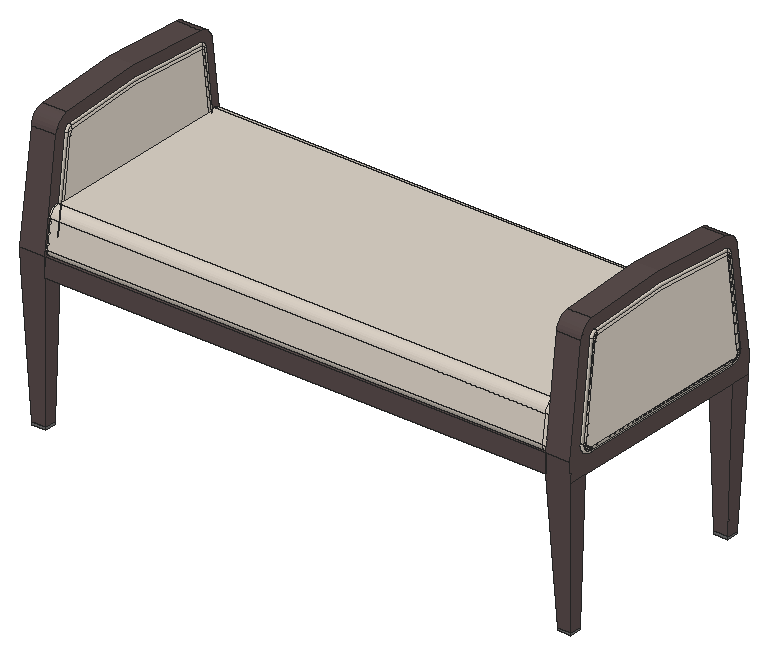
Revit family "DuraCare-Settee-Bench-Briggs+", category Furniture, Revit 2020
Family settings
  OmniClass Number = 23.40.20.00
  OmniClass Title = General Furniture and Specialties
  Work Plane-Based = No
  Always vertical = Yes
  Cut with Voids When Loaded = No
  Shared = No
  Room Calculation Point = No
Parameters (values of type "BE-955")
  Width = 51"  # constant formula
  URL = "https://duracareseating.com"
  Type Comments = "Briggs"  # constant formula
  Seat Width = 45 1/2"  # constant formula
  Seat Side Finish [instance] = DUR - Fabric
  Seat Height = 19"  # constant formula
  Salvage or Reuse = yes
  Percentage of Recycled Content = 0
  Low Emitting Material = yes
  Low Emitting Finish = yes
  Seat Finish [instance] = DUR - Fabric
  Revit Model Built By = "https://servex-us.com/servex-revit/"
  Product Documentation Link = "https://duracareseating.com/product/briggs/"
  Model = "BE-955"
  Manufacturer = "DuraCare Seating"  # constant formula
  Keynote = "12500"
  Height = 26"  # constant formula
  Glide Finish [instance] = DUR - Glides Metal
  Frame Finish [instance] = DUR - Wood, Espresso Walnut
  Description = "Settee bench 51\"W x 20.5\"D x 26\"H - aluminum frame - wood grain finish"
  Depth = 20 1/2"  # constant formula
  Default Elevation = 0"
  Assembly Code = "E2020200"
Reference planes (in)
  plane 1: z = 0
  plane 2 "Center (Left/Right)": x = 0
  plane 3: x = -22.75
  plane 4: x = 22.75
  plane 5: y = -10.75
  plane 6: z = 26
  plane 7: y = 9.75
  plane 8 "Center (Front/Back)": y = -0.5
  plane 9: z = 19
  plane 10: x = -25.5
  plane 11: x = 25.5
  plane 12: z = 0.25
  plane 13: y = 8.25
  plane 14: y = -9.25
  plane 15: z = 24
  plane 16: z = 14.75
  plane 17: z = 13
  plane 18: x = -25.25
  plane 19: x = -23
  plane 20: x = 25.25
  plane 21: x = 23
Forms (in)
  Extrusion 1, solid, material "DUR - Wood, Espresso Walnut" <- "Frame Finish"
    sketch origin (5, 0, 0) x (0, 1, 0) y (0, 0, -1)
      loop
        line (9.75, -14.75) -> (8.99938, -0.23798) -> (8.00562, -0.23798) -> (8.00562, -13) -> (-9.00562, -13) -> (-9.00562, -0.23798) -> (-9.99938, -0.23798) -> (-10.75, -14.75) -> (-9.47323, -24.21415)
        arc (-9.47323, -24.21415) -> (-9.04744, -25.08679) -> (-8.17638, -25.51582) r 1.5
        arc (-8.17638, -25.51582) -> (-0.5, -26.00801) -> (7.17638, -25.51582) r 60.10688
        arc (7.17638, -25.51582) -> (8.04744, -25.08679) -> (8.47323, -24.21415) r 1.5
        line (8.47323, -24.21415) -> (9.75, -14.75)
      loop
        line (7.59698, -14.75) -> (-8.59698, -14.75)
        arc (-8.59698, -14.75) -> (-9.34987, -15.09186) -> (-9.588, -15.88369) r 1
        line (-9.588, -15.88369) -> (-8.48138, -24.08658)
        arc (-8.48138, -24.08658) -> (-8.34028, -24.37973) -> (-8.04867, -24.524) r 0.5
        arc (-8.04867, -24.524) -> (-0.5, -25.00801) -> (7.04867, -24.524) r 59.10688
        arc (7.04867, -24.524) -> (7.34028, -24.37973) -> (7.48138, -24.08658) r 0.5
        line (7.48138, -24.08658) -> (8.588, -15.88369)
        arc (8.588, -15.88369) -> (8.34987, -15.09186) -> (7.59698, -14.75) r 1
    from 30.25 to 28
  Extrusion 2, solid, material "DUR - Wood, Espresso Walnut" <- "Frame Finish"
    sketch origin (0, 0, 0) x (0, 1, 0) y (0, 0, 1)
      loop
        line (8.25, 14.75) -> (8.25, 13) -> (9.75, 13) -> (9.75, 14.75) -> (8.25, 14.75)
      loop
        line (-9.25, 14.75) -> (-10.75, 14.75) -> (-10.75, 13) -> (-9.25, 13) -> (-9.25, 14.75)
    from -23 to 23
  Sweep 3, solid, material "DUR - Fabric" <- "Seat Finish"
    path origin (0, 0, 0) x (0, 1, 0) y (0, 0, 1)
      loop
        arc (9.24547, 14.75) -> (9.62192, 14.92093) -> (9.74098, 15.31685) r 0.5
        line (9.74098, 15.31685) -> (9.40976, 17.77203)
        arc (9.40976, 17.77203) -> (9.10687, 18.36392) -> (8.49977, 18.63504) r 1
        arc (8.49977, 18.63504) -> (-0.5, 19.00027) -> (-9.49977, 18.63504) r 111.06639
        arc (-9.49977, 18.63504) -> (-10.10687, 18.36392) -> (-10.40976, 17.77203) r 1
        line (-10.40976, 17.77203) -> (-10.74098, 15.31685)
        arc (-10.74098, 15.31685) -> (-10.62192, 14.92093) -> (-10.24547, 14.75) r 0.5
        line (-10.24547, 14.75) -> (9.24547, 14.75)
    profile origin (0, -0.5, 14.75) x (0, 0, -1) y (1, 0, 0)
      loop
        line (0, -22.75) -> (0, 22.75)
        arc (0, 22.75) -> (-0.07322, 22.92678) -> (-0.25, 23) r 0.25
        line (-0.25, 23) -> (-0.38317, 23) -> (-0.38317, -23) -> (-0.25, -23)
        arc (-0.25, -23) -> (-0.07322, -22.92678) -> (0, -22.75) r 0.25
  Extrusion 4, solid, material "DUR - Fabric" <- "Seat Finish"
    sketch origin (0, 0, 0) x (0, 1, 0) y (0, 0, 1)
      loop
        arc (8.46872, 18.25313) -> (-0.5, 18.6171) -> (-9.46872, 18.25313) r 110.68321
        arc (-9.46872, 18.25313) -> (-9.8432, 18.08589) -> (-10.03003, 17.7208) r 0.61683
        line (-10.03003, 17.7208) -> (-10.36125, 15.26562)
        arc (-10.36125, 15.26562) -> (-10.33343, 15.17311) -> (-10.24547, 15.13317) r 0.11683
        line (-10.24547, 15.13317) -> (9.24547, 15.13317)
        arc (9.24547, 15.13317) -> (9.33343, 15.17311) -> (9.36125, 15.26562) r 0.11683
        line (9.36125, 15.26562) -> (9.03003, 17.7208)
        arc (9.03003, 17.7208) -> (8.8432, 18.08589) -> (8.46872, 18.25313) r 0.61683
    from -23 to 23
  Extrusion 5, solid, material "DUR - Glides Metal" <- "Glide Finish"
    sketch origin (0, 0, 0) x (1, 0, 0) y (0, 1, 0)
      loop
        line (-23.50047, 8.99938) -> (-24.74953, 8.99938) -> (-24.74953, 8.00562) -> (-23.50047, 8.00562) -> (-23.50047, 8.99938)
      loop
        line (-23.50047, -9.99938) -> (-23.50047, -9.00562) -> (-24.74953, -9.00562) -> (-24.74953, -9.99938) -> (-23.50047, -9.99938)
      loop
        line (23.50047, -9.99938) -> (24.74953, -9.99938) -> (24.74953, -9.00562) -> (23.50047, -9.00562) -> (23.50047, -9.99938)
      loop
        line (24.74953, 8.99938) -> (23.50047, 8.99938) -> (23.50047, 8.00562) -> (24.74953, 8.00562) -> (24.74953, 8.99938)
    from 0 to 0.25
  Extrusion 6, solid, material "DUR - Wood, Espresso Walnut" <- "Frame Finish"
    sketch origin (-5, 0, 0) x (0, 1, 0) y (0, 0, 1)
      loop
        line (9.75, 14.75) -> (8.47323, 24.21415)
        arc (8.47323, 24.21415) -> (8.04744, 25.08679) -> (7.17638, 25.51582) r 1.5
        arc (7.17638, 25.51582) -> (-0.5, 26.00801) -> (-8.17638, 25.51582) r 60.10688
        arc (-8.17638, 25.51582) -> (-9.04744, 25.08679) -> (-9.47323, 24.21415) r 1.5
        line (-9.47323, 24.21415) -> (-10.75, 14.75) -> (-9.99938, 0.23798) -> (-9.00562, 0.23798) -> (-9.00562, 13) -> (8.00562, 13) -> (8.00562, 0.23798) -> (8.99938, 0.23798) -> (9.75, 14.75)
      loop
        arc (7.59698, 14.75) -> (8.34987, 15.09186) -> (8.588, 15.88369) r 1
        line (8.588, 15.88369) -> (7.48138, 24.08658)
        arc (7.48138, 24.08658) -> (7.34028, 24.37973) -> (7.04867, 24.524) r 0.5
        arc (7.04867, 24.524) -> (-0.5, 25.00801) -> (-8.04867, 24.524) r 59.10688
        arc (-8.04867, 24.524) -> (-8.34028, 24.37973) -> (-8.48138, 24.08658) r 0.5
        line (-8.48138, 24.08658) -> (-9.588, 15.88369)
        arc (-9.588, 15.88369) -> (-9.34987, 15.09186) -> (-8.59698, 14.75) r 1
        line (-8.59698, 14.75) -> (7.59698, 14.75)
    from 30.25 to 28
  Sweep 7, solid, material "DUR - Fabric" <- "Seat Side Finish"
    path in 3D
      loop
        arc (-25.25, 7.04867, 24.524) -> (-25.25, 7.34028, 24.37973) -> (-25.25, 7.48138, 24.08658) r 0.5
        line (-25.25, 7.48138, 24.08658) -> (-25.25, 8.588, 15.88369)
        arc (-25.25, 8.588, 15.88369) -> (-25.25, 8.34987, 15.09186) -> (-25.25, 7.59698, 14.75) r 1
        line (-25.25, 7.59698, 14.75) -> (-25.25, -8.59698, 14.75)
        arc (-25.25, -8.59698, 14.75) -> (-25.25, -9.34987, 15.09186) -> (-25.25, -9.588, 15.88369) r 1
        line (-25.25, -9.588, 15.88369) -> (-25.25, -8.48138, 24.08658)
        arc (-25.25, -8.48138, 24.08658) -> (-25.25, -8.34028, 24.37973) -> (-25.25, -8.04867, 24.524) r 0.5
        arc (-25.25, -8.04867, 24.524) -> (-25.25, -0.5, 25.00801) -> (-25.25, 7.04867, 24.524) r 59.10688
    profile origin (-25.25, -0.5, 25.00801) x (0, 0, -1) y (-1, 0, 0)
      loop
        line (0.45139, -2.5) -> (0.45139, 0.25)
        spline (0.45139, 0.25) -> (0.42441, 0.24955) -> (0.39752, 0.24821) -> (0.37082, 0.24599) -> (0.34441, 0.24288) -> (0.31839, 0.2389) -> (0.29284, 0.23407) -> (0.26786, 0.2284) -> (0.24353, 0.22192) -> (0.21995, 0.21464) -> (0.1972, 0.20659) -> (0.17535, 0.19781) -> (0.15449, 0.18831)
        arc (0.15449, 0.18831) -> (-0.01889, 0.17303) -> (0, 0) r 0.12182
        line (0, 0) -> (0, -2.25)
        arc (0, -2.25) -> (-0.01889, -2.42303) -> (0.15449, -2.43831) r 0.12182
        spline (0.15449, -2.43831) -> (0.17535, -2.44781) -> (0.1972, -2.45659) -> (0.21995, -2.46464) -> (0.24353, -2.47192) -> (0.26786, -2.4784) -> (0.29284, -2.48407) -> (0.31839, -2.4889) -> (0.34441, -2.49288) -> (0.37082, -2.49599) -> (0.39752, -2.49821) -> (0.42441, -2.49955) -> (0.45139, -2.5)
  Sweep 8, solid, material "DUR - Fabric" <- "Seat Side Finish"
    path in 3D
      loop
        arc (25.25, 7.04867, 24.524) -> (25.25, 7.34028, 24.37973) -> (25.25, 7.48138, 24.08658) r 0.5
        line (25.25, 7.48138, 24.08658) -> (25.25, 8.588, 15.88369)
        arc (25.25, 8.588, 15.88369) -> (25.25, 8.34987, 15.09186) -> (25.25, 7.59698, 14.75) r 1
        line (25.25, 7.59698, 14.75) -> (25.25, -8.59698, 14.75)
        arc (25.25, -8.59698, 14.75) -> (25.25, -9.34987, 15.09186) -> (25.25, -9.588, 15.88369) r 1
        line (25.25, -9.588, 15.88369) -> (25.25, -8.48138, 24.08658)
        arc (25.25, -8.48138, 24.08658) -> (25.25, -8.34028, 24.37973) -> (25.25, -8.04867, 24.524) r 0.5
        arc (25.25, -8.04867, 24.524) -> (25.25, -0.5, 25.00801) -> (25.25, 7.04867, 24.524) r 59.10688
    profile origin (25.25, -0.5, 25.00801) x (0, 0, 1) y (1, 0, 0)
      loop
        spline (-0.45139, -2.5) -> (-0.39247, -2.49786) -> (-0.33456, -2.49148) -> (-0.27865, -2.48097) -> (-0.2257, -2.46651) -> (-0.1766, -2.44834) -> (-0.13221, -2.42678) -> (-0.09328, -2.40219) -> (-0.06047, -2.375) -> (-0.03436, -2.34567) -> (-0.01538, -2.3147) -> (-0.00386, -2.28263) -> (0, -2.25)
        line (0, -2.25) -> (0, 0)
        spline (0, 0) -> (-0.00386, 0.03263) -> (-0.01538, 0.0647) -> (-0.03436, 0.09567) -> (-0.06047, 0.125) -> (-0.09328, 0.15219) -> (-0.13221, 0.17678) -> (-0.1766, 0.19834) -> (-0.2257, 0.21651) -> (-0.27865, 0.23097) -> (-0.33456, 0.24148) -> (-0.39247, 0.24786) -> (-0.45139, 0.25)
        line (-0.45139, 0.25) -> (-0.45139, -2.5)
  Extrusion 9, solid, material "DUR - Fabric" <- "Seat Side Finish"
    sketch origin (0, 0, 0) x (0, 1, 0) y (0, 0, 1)
      loop
        arc (-7.99102, 24.07631) -> (-8.02, 24.06163) -> (-8.03327, 24.03198) r 0.04861
        line (-8.03327, 24.03198) -> (-9.14066, 15.82335)
        arc (-9.14066, 15.82335) -> (-9.01002, 15.38894) -> (-8.59698, 15.20139) r 0.54861
        line (-8.59698, 15.20139) -> (7.59698, 15.20139)
        arc (7.59698, 15.20139) -> (8.01002, 15.38894) -> (8.14066, 15.82335) r 0.54861
        line (8.14066, 15.82335) -> (7.03256, 24.03719)
        arc (7.03256, 24.03719) -> (7.01814, 24.06349) -> (6.99102, 24.07631) r 0.04861
        arc (6.99102, 24.07631) -> (-0.5, 24.55662) -> (-7.99102, 24.07631) r 58.65549
    from 22.75 to 25.5
  Extrusion 10, solid, material "DUR - Fabric" <- "Seat Side Finish"
    sketch origin (0, 0, 0) x (0, 1, 0) y (0, 0, 1)
      loop
        arc (7.59698, 15.20139) -> (8.01002, 15.38894) -> (8.14066, 15.82335) r 0.54861
        line (8.14066, 15.82335) -> (7.03327, 24.03198)
        arc (7.03327, 24.03198) -> (7.02, 24.06163) -> (6.99102, 24.07631) r 0.04861
        arc (6.99102, 24.07631) -> (-0.5, 24.55662) -> (-7.99102, 24.07631) r 58.65549
        arc (-7.99102, 24.07631) -> (-8.02, 24.06163) -> (-8.03327, 24.03198) r 0.04861
        line (-8.03327, 24.03198) -> (-9.14066, 15.82335)
        arc (-9.14066, 15.82335) -> (-9.01002, 15.38894) -> (-8.59698, 15.20139) r 0.54861
        line (-8.59698, 15.20139) -> (7.59698, 15.20139)
    from -25.5 to -22.75
  Extrusion 11, solid, material "DUR - Fabric" <- "Seat Side Finish"
    sketch origin (0, 0, 0) x (0, 1, 0) y (0, 0, -1)
      loop
        line (7.59698, -15.20139) -> (-8.59698, -15.20139)
        arc (-8.59698, -15.20139) -> (-9.01002, -15.38894) -> (-9.14066, -15.82335) r 0.54861
        line (-9.14066, -15.82335) -> (-8.03327, -24.03198)
        arc (-8.03327, -24.03198) -> (-8.02, -24.06163) -> (-7.99102, -24.07631) r 0.04861
        arc (-7.99102, -24.07631) -> (-0.5, -24.55662) -> (6.99102, -24.07631) r 58.65549
        arc (6.99102, -24.07631) -> (7.02, -24.06163) -> (7.03327, -24.03198) r 0.04861
        line (7.03327, -24.03198) -> (8.14066, -15.82335)
        arc (8.14066, -15.82335) -> (8.01002, -15.38894) -> (7.59698, -15.20139) r 0.54861
    from -25.5 to -22.75
  Sweep 12, solid, material "DUR - Fabric" <- "Seat Side Finish"
    path in 3D
      loop
        arc (25.25, 7.04867, 24.524) -> (25.25, 7.34028, 24.37973) -> (25.25, 7.48138, 24.08658) r 0.5
        line (25.25, 7.48138, 24.08658) -> (25.25, 8.588, 15.88369)
        arc (25.25, 8.588, 15.88369) -> (25.25, 8.34987, 15.09186) -> (25.25, 7.59698, 14.75) r 1
        line (25.25, 7.59698, 14.75) -> (25.25, -8.59698, 14.75)
        arc (25.25, -8.59698, 14.75) -> (25.25, -9.34987, 15.09186) -> (25.25, -9.588, 15.88369) r 1
        line (25.25, -9.588, 15.88369) -> (25.25, -8.48138, 24.08658)
        arc (25.25, -8.48138, 24.08658) -> (25.25, -8.34028, 24.37973) -> (25.25, -8.04867, 24.524) r 0.5
        arc (25.25, -8.04867, 24.524) -> (25.25, -0.5, 25.00801) -> (25.25, 7.04867, 24.524) r 59.10688
    profile origin (25.25, -0.5, 25.00801) x (0, 0, 1) y (1, 0, 0)
      loop
        spline (-0.45139, -2.5) -> (-0.42441, -2.49955) -> (-0.39752, -2.49821) -> (-0.37082, -2.49599) -> (-0.34441, -2.49288) -> (-0.31839, -2.4889) -> (-0.29284, -2.48407) -> (-0.26786, -2.4784) -> (-0.24353, -2.47192) -> (-0.21995, -2.46464) -> (-0.1972, -2.45659) -> (-0.17535, -2.44781) -> (-0.15449, -2.43831)
        arc (-0.15449, -2.43831) -> (0.01889, -2.42303) -> (0, -2.25) r 0.12182
        line (0, -2.25) -> (0, 0)
        arc (0, 0) -> (0.01889, 0.17303) -> (-0.15449, 0.18831) r 0.12182
        spline (-0.15449, 0.18831) -> (-0.17535, 0.19781) -> (-0.1972, 0.20659) -> (-0.21995, 0.21464) -> (-0.24353, 0.22192) -> (-0.26786, 0.2284) -> (-0.29284, 0.23407) -> (-0.31839, 0.2389) -> (-0.34441, 0.24288) -> (-0.37082, 0.24599) -> (-0.39752, 0.24821) -> (-0.42441, 0.24955) -> (-0.45139, 0.25)
        line (-0.45139, 0.25) -> (-0.45139, -2.5)
  Extrusion 13, void
    sketch origin (0, 0, 0) x (1, 0, 0) y (0, 0, 1)
      loop
        line (-24.74953, 0.23798) -> (-25.25, 13) -> (-25.25, 0.23798) -> (-24.74953, 0.23798)
      loop
        line (-23.50047, 0.23798) -> (-23, 0.23798) -> (-23, 13) -> (-23.50047, 0.23798)
      loop
        line (24.74953, 0.23798) -> (25.25, 0.23798) -> (25.25, 13) -> (24.74953, 0.23798)
      loop
        line (23.50047, 0.23798) -> (23, 13) -> (23, 0.23798) -> (23.50047, 0.23798)
    from -9.75 to 10.75
Cuts and joins
  joined: Sweep 3, Extrusion 4
  Extrusion 13 cuts Extrusion 1
  Extrusion 13 cuts Extrusion 6
Lines and regions (in)
  sketch lines
    curve 1: arc (-25.25, -8.04867, 24.524) -> (-25.25, -0.5, 25.00801) -> (-25.25, 7.04867, 24.524) r 59.10688
    curve 2: arc (-25.25, 7.04867, 24.524) -> (-25.25, 7.34028, 24.37973) -> (-25.25, 7.48138, 24.08658) r 0.5
    curve 3: line (-25.25, 8.588, 15.88369) -> (-25.25, 7.48138, 24.08658)
    curve 4: arc (-25.25, 8.588, 15.88369) -> (-25.25, 8.34987, 15.09186) -> (-25.25, 7.59698, 14.75) r 1
    curve 5: line (-25.25, -8.59698, 14.75) -> (-25.25, 7.59698, 14.75)
    curve 6: arc (-25.25, -8.59698, 14.75) -> (-25.25, -9.34987, 15.09186) -> (-25.25, -9.588, 15.88369) r 1
    curve 7: line (-25.25, -8.48138, 24.08658) -> (-25.25, -9.588, 15.88369)
    curve 8: arc (-25.25, -8.48138, 24.08658) -> (-25.25, -8.34028, 24.37973) -> (-25.25, -8.04867, 24.524) r 0.5
    curve 9: arc (25.25, -8.04867, 24.524) -> (25.25, -0.5, 25.00801) -> (25.25, 7.04867, 24.524) r 59.10688
    curve 10: arc (25.25, 7.04867, 24.524) -> (25.25, 7.34028, 24.37973) -> (25.25, 7.48138, 24.08658) r 0.5
    curve 11: line (25.25, 8.588, 15.88369) -> (25.25, 7.48138, 24.08658)
    curve 12: arc (25.25, 8.588, 15.88369) -> (25.25, 8.34987, 15.09186) -> (25.25, 7.59698, 14.75) r 1
    curve 13: line (25.25, -8.59698, 14.75) -> (25.25, 7.59698, 14.75)
    curve 14: arc (25.25, -8.59698, 14.75) -> (25.25, -9.34987, 15.09186) -> (25.25, -9.588, 15.88369) r 1
    curve 15: line (25.25, -8.48138, 24.08658) -> (25.25, -9.588, 15.88369)
    curve 16: arc (25.25, -8.48138, 24.08658) -> (25.25, -8.34028, 24.37973) -> (25.25, -8.04867, 24.524) r 0.5
    curve 17: arc (25.25, -8.04867, 24.524) -> (25.25, -0.5, 25.00801) -> (25.25, 7.04867, 24.524) r 59.10688
    curve 18: arc (25.25, 7.04867, 24.524) -> (25.25, 7.34028, 24.37973) -> (25.25, 7.48138, 24.08658) r 0.5
    curve 19: line (25.25, 8.588, 15.88369) -> (25.25, 7.48138, 24.08658)
    curve 20: arc (25.25, 8.588, 15.88369) -> (25.25, 8.34987, 15.09186) -> (25.25, 7.59698, 14.75) r 1
    curve 21: line (25.25, -8.59698, 14.75) -> (25.25, 7.59698, 14.75)
    curve 22: arc (25.25, -8.59698, 14.75) -> (25.25, -9.34987, 15.09186) -> (25.25, -9.588, 15.88369) r 1
    curve 23: line (25.25, -8.48138, 24.08658) -> (25.25, -9.588, 15.88369)
    curve 24: arc (25.25, -8.48138, 24.08658) -> (25.25, -8.34028, 24.37973) -> (25.25, -8.04867, 24.524) r 0.5
  symbolic lines, style "Furniture"
    curve 25: line (-25.25, 9.65948, 0) -> (-23, 9.65948, 0)
    curve 26: line (-25.25, -10.75, 0) -> (-25.25, 9.65948, 0)
    curve 27: line (-23, -10.75, 0) -> (-25.25, -10.75, 0)
    curve 28: line (-23, 9.65948, 0) -> (-23, -10.75, 0)
    curve 29: line (23, 9.75, 0) -> (25.25, 9.75, 0)
    curve 30: line (23, -10.75, 0) -> (23, 9.75, 0)
    curve 31: line (25.25, -10.75, 0) -> (23, -10.75, 0)
    curve 32: line (25.25, 9.75, 0) -> (25.25, -10.75, 0)
    curve 33: line (23, -10.75, 0) -> (-23, -10.75, 0)
    curve 34: line (-23, 9.75, 0) -> (23, 9.75, 0)
Dimensions and locks (in)
  equal spacing: plane 3, plane 2 "Center (Left/Right)", plane 4
  equal spacing: plane 5, plane 8 "Center (Front/Back)", plane 7
  "Depth": plane 7 to plane 5
  "Height": plane 6 to plane 1
  "Seat Height": plane 9 to plane 1
  "Seat Width": plane 3 to plane 4
  "Width": plane 10 to plane 11
  locked: plane 18 to plane 10 at 0.25
  locked: plane 3 to plane 19 at 0.25
  locked: plane 4 to plane 21 at 0.25
  locked: plane 20 to plane 11 at 0.25
  aligned and locked: level to plane 1
  aligned and locked: Extrusion 1 to plane 18
  aligned and locked: plane 19 to Extrusion 1
  aligned and locked: Extrusion 2 to Extrusion 1
  aligned and locked: plane 4 to Sweep 3 sketch curve
  aligned and locked: plane 21 to Sweep 3 sketch curve
  aligned and locked: plane 19 to Sweep 3 sketch curve
  aligned and locked: plane 3 to Sweep 3 sketch curve
  aligned and locked: Extrusion 1 to Extrusion 5 sketch curve  (x2)
  aligned and locked: Extrusion 5 sketch curve to Extrusion 1  (x2)
  aligned and locked: cut or joined group of Sweep 3, Extrusion 4 to plane 19
  aligned and locked: cut or joined group of Sweep 3, Extrusion 4 to plane 21
  aligned and locked: Extrusion 1 sketch curve to plane 16
  aligned and locked: plane 21 to Extrusion 6
  aligned and locked: Extrusion 6 to plane 20
  aligned and locked: Extrusion 10 to plane 10
  aligned and locked: plane 3 to Extrusion 10
  aligned and locked: plane 4 to Extrusion 11
  aligned and locked: Extrusion 11 to plane 11
  aligned and locked: Extrusion 9 to plane 11
  aligned and locked: plane 4 to Extrusion 9
  aligned and locked: plane 7 to Extrusion 13
  aligned and locked: plane 5 to Extrusion 13
  aligned and locked: Extrusion 5 sketch curve to cut or joined group of Extrusion 1, Extrusion 13  (x4)
  aligned and locked: Extrusion 5 sketch curve to cut or joined group of Extrusion 6, Extrusion 13  (x4)
  aligned and locked: Extrusion 4 sketch curve to cut or joined group of Sweep 3, Extrusion 4  (x5)
Automatic sketch dimensions
  Extrusion 1 sketch curve to Extrusion 1 sketch curve = 0"  (x8)
  Extrusion 1 sketch curve to plane 5 = 0"
  Extrusion 1 sketch curve to plane 17 = 0"
  Extrusion 1 sketch curve to plane 8 "Center (Front/Back)" = 0"
  Extrusion 1 sketch curve to plane 7 = 0"
  Extrusion 1 sketch curve to plane 16 = 0"  (x2)
  Extrusion 1 sketch curve to plane 12 = 0.01202"  (x2)
  plane 14 to Extrusion 1 sketch curve = 0.74938"
  plane 14 to Extrusion 1 sketch curve = 0.338"
  plane 14 to Extrusion 1 sketch curve = 0.22323"
  Extrusion 1 sketch curve to plane 14 = 0.24438"
  Extrusion 1 sketch curve to plane 14 = 0.65302"
  plane 15 to Extrusion 1 sketch curve = 0.08658"  (x2)
  Extrusion 1 sketch curve to plane 14 = 0.76862"
  plane 15 to Extrusion 1 sketch curve = 0.0281"  (x2)
  Extrusion 1 sketch curve to Extrusion 1 sketch curve = 0.49657"  (x2)
  Extrusion 1 sketch curve to plane 13 = 1.26519"
  Extrusion 1 sketch curve to plane 13 = 0.65302"
  Extrusion 1 sketch curve to plane 13 = 0.24438"
  plane 13 to Extrusion 1 sketch curve = 0.22323"
  plane 13 to Extrusion 1 sketch curve = 0.338"
  plane 13 to Extrusion 1 sketch curve = 0.74938"
  plane 15 to Extrusion 1 sketch curve = 0.21415"  (x2)
  plane 16 to Extrusion 1 sketch curve = 1.13369"  (x2)
  Extrusion 1 sketch curve to level = 34.09887"
  Extrusion 2 sketch curve to plane 5 = 0"
  Extrusion 2 sketch curve to plane 14 = 0"
  Extrusion 2 sketch curve to plane 13 = 0"
  Extrusion 2 sketch curve to plane 7 = 0"
  Extrusion 2 sketch curve to plane 17 = 0"  (x2)
  Extrusion 2 sketch curve to plane 16 = 0"  (x2)
  Extrusion 6 sketch curve to Extrusion 6 sketch curve = 0"  (x8)
  Extrusion 6 sketch curve to plane 5 = 0"
  Extrusion 6 sketch curve to plane 17 = 0"
  Extrusion 6 sketch curve to plane 16 = 0"  (x3)
  Extrusion 6 sketch curve to plane 8 "Center (Front/Back)" = 0"
  Extrusion 6 sketch curve to plane 7 = 0"
  Extrusion 6 sketch curve to plane 12 = 0.01202"  (x2)
  plane 14 to Extrusion 6 sketch curve = 0.74938"
  plane 14 to Extrusion 6 sketch curve = 0.338"
  plane 14 to Extrusion 6 sketch curve = 0.22323"
  Extrusion 6 sketch curve to plane 14 = 0.24438"
  Extrusion 6 sketch curve to plane 14 = 0.65302"
  plane 15 to Extrusion 6 sketch curve = 0.08658"  (x2)
  Extrusion 6 sketch curve to plane 14 = 0.76862"
  plane 15 to Extrusion 6 sketch curve = 0.0281"  (x2)
  Extrusion 6 sketch curve to Extrusion 6 sketch curve = 0.49657"  (x2)
  Extrusion 6 sketch curve to plane 13 = 1.26519"
  Extrusion 6 sketch curve to plane 13 = 0.65302"
  Extrusion 6 sketch curve to plane 13 = 0.24438"
  plane 13 to Extrusion 6 sketch curve = 0.22323"
  plane 13 to Extrusion 6 sketch curve = 0.338"
  plane 13 to Extrusion 6 sketch curve = 0.74938"
  Extrusion 6 sketch curve to level = 34.09887"
  Extrusion 6 sketch curve to Extrusion 6 sketch curve = 1"  (x2)
  plane 15 to Extrusion 6 sketch curve = 0.21415"  (x2)
  Sweep 8 sketch curve to profile plane = 0"  (x2)
  profile plane to Sweep 8 sketch curve = 0.45139"
  Sweep 8 sketch curve to profile plane = 2 1/4"
  Sweep 8 sketch curve to Sweep 8 sketch curve = 1/4"
  profile plane to Sweep 8 sketch curve = 1/4"
  Extrusion 9 sketch curve to plane 8 "Center (Front/Back)" = 0"
  plane 15 to Extrusion 9 sketch curve = 0.0281"  (x2)
  Extrusion 9 sketch curve to plane 14 = 1.26519"
  plane 15 to Extrusion 9 sketch curve = 0.03198"
  Extrusion 9 sketch curve to Extrusion 9 sketch curve = 0.04845"
  Extrusion 9 sketch curve to plane 14 = 0.65302"
  Extrusion 9 sketch curve to plane 14 = 0.10934"
  Extrusion 9 sketch curve to plane 13 = 1.26519"
  plane 15 to Extrusion 9 sketch curve = 0.03719"
  Extrusion 9 sketch curve to Extrusion 9 sketch curve = 0.04775"
  Extrusion 9 sketch curve to plane 13 = 0.65302"
  Extrusion 9 sketch curve to plane 13 = 0.10934"
  plane 16 to Extrusion 9 sketch curve = 1.07335"  (x2)
  Extrusion 9 sketch curve to Extrusion 9 sketch curve = 0.07335"
  Extrusion 9 sketch curve to level = 34.09887"
  Extrusion 9 sketch curve to Extrusion 9 sketch curve = 0"
  Extrusion 10 sketch curve to plane 8 "Center (Front/Back)" = 0"
  plane 15 to Extrusion 10 sketch curve = 0.0281"  (x2)
  Extrusion 10 sketch curve to plane 14 = 1.26519"
  plane 15 to Extrusion 10 sketch curve = 0.03198"  (x2)
  Extrusion 10 sketch curve to Extrusion 10 sketch curve = 0.04845"  (x2)
  Extrusion 10 sketch curve to plane 14 = 0.65302"
  Extrusion 10 sketch curve to plane 14 = 0.10934"
  Extrusion 10 sketch curve to plane 13 = 1.26519"
  Extrusion 10 sketch curve to plane 13 = 0.65302"
  Extrusion 10 sketch curve to plane 13 = 0.10934"
  plane 16 to Extrusion 10 sketch curve = 1.07335"  (x2)
  Extrusion 10 sketch curve to Extrusion 10 sketch curve = 0.07335"
  Extrusion 10 sketch curve to level = 34.09887"
  Extrusion 10 sketch curve to Extrusion 10 sketch curve = 0"
  Extrusion 11 sketch curve to plane 8 "Center (Front/Back)" = 0"
  plane 15 to Extrusion 11 sketch curve = 0.0281"  (x2)
  Extrusion 11 sketch curve to plane 14 = 1.26519"
  plane 15 to Extrusion 11 sketch curve = 0.03198"  (x2)
  Extrusion 11 sketch curve to Extrusion 11 sketch curve = 0.04845"  (x2)
  Extrusion 11 sketch curve to plane 14 = 0.65302"
  Extrusion 11 sketch curve to plane 14 = 0.10934"
  Extrusion 11 sketch curve to plane 13 = 1.26519"
  Extrusion 11 sketch curve to plane 13 = 0.65302"
  Extrusion 11 sketch curve to plane 13 = 0.10934"
  plane 16 to Extrusion 11 sketch curve = 1.07335"  (x2)
  Extrusion 11 sketch curve to Extrusion 11 sketch curve = 0.07335"
  Extrusion 11 sketch curve to level = 34.09887"
  Extrusion 11 sketch curve to Extrusion 11 sketch curve = 0"
  Sweep 3 sketch curve to profile plane = 0"
  Sweep 3 sketch curve to Sweep 3 sketch curve = 0.13317"
  plane 14 to Extrusion 5 sketch curve = 0.74938"
  Extrusion 5 sketch curve to plane 14 = 0.24438"
  Extrusion 5 sketch curve to plane 13 = 0.24438"
  plane 13 to Extrusion 5 sketch curve = 0.74938"
  Sweep 7 sketch curve to profile plane = 0"
  profile plane to Sweep 7 sketch curve = 0"  (x2)
  Sweep 7 sketch curve to profile plane = 0.07529"  (x2)
  Sweep 7 sketch curve to Sweep 7 sketch curve = 0.3761"
  Sweep 7 sketch curve to profile plane = 2 1/4"
  Sweep 7 sketch curve to Sweep 7 sketch curve = 0.09576"
  Sweep 7 sketch curve to Sweep 7 sketch curve = 0.15424"
  profile plane to Sweep 7 sketch curve = 0.09576"
  profile plane to Sweep 7 sketch curve = 1/4"
  Sweep 7 sketch curve to Sweep 7 sketch curve = 0.07921"  (x2)
  Sweep 7 sketch curve to Sweep 7 sketch curve = 1/4"
  Sweep 12 sketch curve to profile plane = 0"  (x3)
  profile plane to Sweep 12 sketch curve = 0.07529"  (x2)
  Sweep 12 sketch curve to Sweep 12 sketch curve = 0.3761"
  Sweep 12 sketch curve to profile plane = 2 1/4"
  Sweep 12 sketch curve to Sweep 12 sketch curve = 0.09576"
  Sweep 12 sketch curve to Sweep 12 sketch curve = 0.15424"
  profile plane to Sweep 12 sketch curve = 0.09576"
  profile plane to Sweep 12 sketch curve = 1/4"
  Sweep 12 sketch curve to Sweep 12 sketch curve = 0.07921"  (x2)
  Sweep 12 sketch curve to Sweep 12 sketch curve = 1/4"
  Extrusion 13 sketch curve to plane 17 = 0"  (x4)
  Extrusion 13 sketch curve to plane 18 = 0"
  Extrusion 13 sketch curve to plane 19 = 0"
  plane 21 to Extrusion 13 sketch curve = 0"
  plane 20 to Extrusion 13 sketch curve = 0"
  Extrusion 13 sketch curve to plane 12 = 0.01202"  (x4)
  plane 18 to Extrusion 13 sketch curve = 0.50047"
  Extrusion 13 sketch curve to Extrusion 13 sketch curve = 0.50047"  (x2)
  plane 20 to Extrusion 13 sketch curve = 0.50047"
  Sweep 3 sketch curve to plane 16 = 0"
  Sweep 3 sketch curve to plane 8 "Center (Front/Back)" = 0"
  plane 14 to Sweep 3 sketch curve = 0.16874"
  Sweep 3 sketch curve to plane 5 = 0.50453"
  Sweep 3 sketch curve to plane 5 = 0.34024"
  Sweep 3 sketch curve to plane 5 = 0.00902"
  plane 13 to Sweep 3 sketch curve = 0.16874"
  Sweep 3 sketch curve to plane 7 = 0.50453"
  Sweep 3 sketch curve to plane 7 = 0.34024"
  Sweep 3 sketch curve to plane 7 = 0.00902"
  Sweep 3 sketch curve to Sweep 3 sketch curve = 1/2"  (x2)
  Sweep 3 sketch curve to plane 9 = 1.36167"
  Sweep 3 sketch curve to Sweep 3 sketch curve = 0.13369"  (x2)
  plane 14 to Sweep 3 sketch curve = 0.24977"
  Sweep 3 sketch curve to Sweep 3 sketch curve = 0"  (x2)
  Extrusion 4 sketch curve to Extrusion 4 sketch curve = 0.11578"  (x2)
  Extrusion 4 sketch curve to Extrusion 4 sketch curve = 0.08247"  (x2)
  plane 5 to curve 27 = 0"
  curve 27 to plane 18 = 0"
  curve 27 to plane 19 = 0"
  curve 34 to plane 7 = 0"
  curve 34 to plane 19 = 0"
  curve 34 to plane 21 = 0"
  curve 31 to plane 20 = 0"
  curve 26 to plane 7 = 0.09052"
